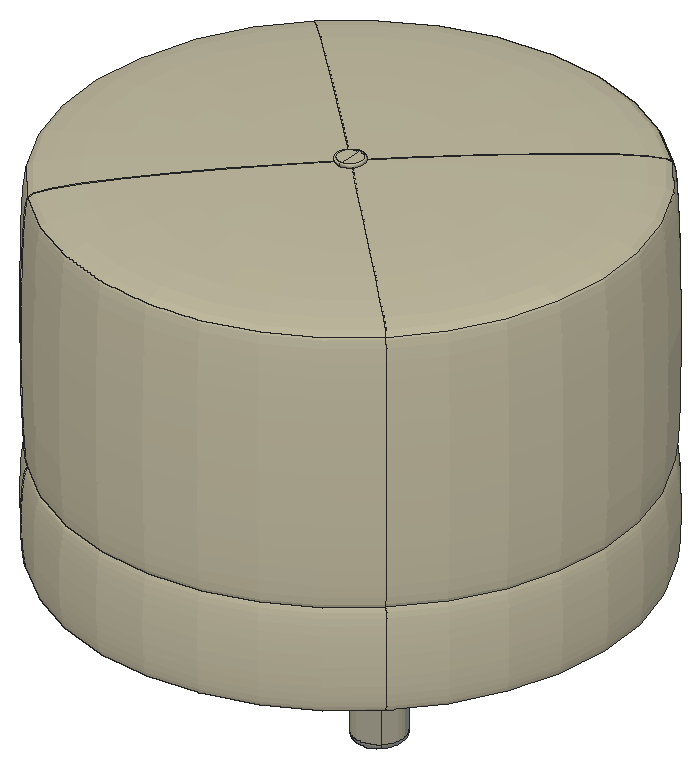
Revit family
Parameters
  URL = "http://www.martinbrattrud.com"
  SCS Certified Product = "Yes"
  Model = "Stonehenge 915-05R"
  Manufacturer = "Martin Brattrud, Inc."
  Leg [instance] = none
  Keynote = "125000"
  Copyright = "© 2013 Martin Brattrud, Inc."
  Ottoman [instance] = none
  Authoring Version = "Revit Architecture 2010"
  Assembly Code = "E2020200"
Reference planes (in)
  plane 1 "Center Front/Back": y = 0
  plane 2: z = 0
  plane 3 "Center Left/Right": x = 0
Forms (in)
  Extrusion 1, solid, material <- "Leg"
    sketch origin (0, 0, 0) x (1, 0, 0) y (0, 1, 0)
      loop
        circle (-6.24202, 6.24202) r 1
      loop
        circle (-6.24202, -6.24202) r 1
      loop
        circle (6.24202, -6.24202) r 1
      loop
        circle (6.24202, 6.24202) r 1
    from 0.25 to 2.24989
  Revolve 2, solid, material <- "Leg"
    sketch origin (-3.09359, 3.09359, 0) x (-0.707107, 0.707107, 0) y (0, 0, -1)
      loop
        arc (-12.20254, -0.25) -> (-12.27577, -0.07322) -> (-12.45254, 0) r 0.25
        line (-12.45254, 0) -> (-13.20254, 0) -> (-13.20254, -0.25) -> (-12.20254, -0.25)
      axis (-13.20254, 0) -> (-13.20254, -0.25)
    angle from 0 to 360
  Revolve 3, solid, material <- "Ottoman"
    sketch origin (0, 0, 0) x (0, 1, 0) y (0, 0, 1)
      loop
        line (0, 2.2499) -> (0, 17.49954)
        spline (0, 17.49954) -> (-1.43575, 17.49312) -> (-2.84693, 17.47398) -> (-4.2094, 17.44244) -> (-5.49983, 17.39905) -> (-6.69616, 17.34455) -> (-7.77792, 17.27986) -> (-8.72659, 17.2061) -> (-9.52595, 17.12453) -> (-10.16232, 17.03655) -> (-10.6248, 16.94365) -> (-10.9055, 16.84743) -> (-10.9996, 16.74954)
        spline (-10.9996, 16.74954) -> (-11.0643, 16.57066) -> (-11.1246, 16.0462) -> (-11.17637, 15.2119) -> (-11.2161, 14.12463) -> (-11.24107, 12.85847) -> (-11.24959, 11.49972) -> (-11.24107, 10.14096) -> (-11.2161, 8.87481) -> (-11.17637, 7.78753) -> (-11.1246, 6.95324) -> (-11.0643, 6.42878) -> (-10.9996, 6.2499)
        spline (-10.9996, 6.2499) -> (-11.06287, 6.18175) -> (-11.12183, 5.98195) -> (-11.17245, 5.66411) -> (-11.2113, 5.2499) -> (-11.23572, 4.76754) -> (-11.24405, 4.2499) -> (-11.23572, 3.73226) -> (-11.2113, 3.2499) -> (-11.17245, 2.83568) -> (-11.12183, 2.51785) -> (-11.06287, 2.31805) -> (-10.9996, 2.2499)
        line (-10.9996, 2.2499) -> (0, 2.2499)
      axis (0, 17.49954) -> (0, 2.2499)
    angle from 45 to -45
  Revolve 4, solid, material <- "Ottoman"
    sketch origin (0, 0, 0) x (0, -1, 0) y (0, 0, 1)
      loop
        line (0, 2.2499) -> (0, 17.49954)
        spline (0, 17.49954) -> (-1.43575, 17.49312) -> (-2.84693, 17.47398) -> (-4.2094, 17.44244) -> (-5.49983, 17.39905) -> (-6.69616, 17.34455) -> (-7.77792, 17.27986) -> (-8.72659, 17.2061) -> (-9.52595, 17.12453) -> (-10.16232, 17.03655) -> (-10.6248, 16.94365) -> (-10.9055, 16.84743) -> (-10.9996, 16.74954)
        spline (-10.9996, 16.74954) -> (-11.0643, 16.57066) -> (-11.1246, 16.0462) -> (-11.17637, 15.2119) -> (-11.2161, 14.12463) -> (-11.24107, 12.85847) -> (-11.24959, 11.49972) -> (-11.24107, 10.14096) -> (-11.2161, 8.87481) -> (-11.17637, 7.78753) -> (-11.1246, 6.95324) -> (-11.0643, 6.42878) -> (-10.9996, 6.2499)
        spline (-10.9996, 6.2499) -> (-11.06287, 6.18175) -> (-11.12183, 5.98195) -> (-11.17245, 5.66411) -> (-11.2113, 5.2499) -> (-11.23572, 4.76754) -> (-11.24405, 4.2499) -> (-11.23572, 3.73226) -> (-11.2113, 3.2499) -> (-11.17245, 2.83568) -> (-11.12183, 2.51785) -> (-11.06287, 2.31805) -> (-10.9996, 2.2499)
        line (-10.9996, 2.2499) -> (0, 2.2499)
      axis (0, 17.49954) -> (0, 2.2499)
    angle from 45 to -45
  Revolve 5, solid, material <- "Ottoman"
    sketch origin (0, 0, 0) x (-1, 0, 0) y (0, 0, 1)
      loop
        line (0, 2.2499) -> (0, 17.49954)
        spline (0, 17.49954) -> (-1.43575, 17.49312) -> (-2.84693, 17.47398) -> (-4.2094, 17.44244) -> (-5.49983, 17.39905) -> (-6.69616, 17.34455) -> (-7.77792, 17.27986) -> (-8.72659, 17.2061) -> (-9.52595, 17.12453) -> (-10.16232, 17.03655) -> (-10.6248, 16.94365) -> (-10.9055, 16.84743) -> (-10.9996, 16.74954)
        spline (-10.9996, 16.74954) -> (-11.0643, 16.57066) -> (-11.1246, 16.0462) -> (-11.17637, 15.2119) -> (-11.2161, 14.12463) -> (-11.24107, 12.85847) -> (-11.24959, 11.49972) -> (-11.24107, 10.14096) -> (-11.2161, 8.87481) -> (-11.17637, 7.78753) -> (-11.1246, 6.95324) -> (-11.0643, 6.42878) -> (-10.9996, 6.2499)
        spline (-10.9996, 6.2499) -> (-11.06287, 6.18175) -> (-11.12183, 5.98195) -> (-11.17245, 5.66411) -> (-11.2113, 5.2499) -> (-11.23572, 4.76754) -> (-11.24405, 4.2499) -> (-11.23572, 3.73226) -> (-11.2113, 3.2499) -> (-11.17245, 2.83568) -> (-11.12183, 2.51785) -> (-11.06287, 2.31805) -> (-10.9996, 2.2499)
        line (-10.9996, 2.2499) -> (0, 2.2499)
      axis (0, 17.49954) -> (0, 2.2499)
    angle from 45 to -45
  Revolve 6, solid, material <- "Ottoman"
    sketch origin (0, 0, 0) x (1, 0, 0) y (0, 0, -1)
      loop
        line (0, -2.2499) -> (-10.9996, -2.2499)
        spline (-10.9996, -2.2499) -> (-11.06287, -2.31805) -> (-11.12183, -2.51785) -> (-11.17245, -2.83568) -> (-11.2113, -3.2499) -> (-11.23572, -3.73226) -> (-11.24405, -4.2499) -> (-11.23572, -4.76754) -> (-11.2113, -5.2499) -> (-11.17245, -5.66411) -> (-11.12183, -5.98195) -> (-11.06287, -6.18175) -> (-10.9996, -6.2499)
        spline (-10.9996, -6.2499) -> (-11.0643, -6.42878) -> (-11.1246, -6.95324) -> (-11.17637, -7.78753) -> (-11.2161, -8.87481) -> (-11.24107, -10.14096) -> (-11.24959, -11.49972) -> (-11.24107, -12.85847) -> (-11.2161, -14.12463) -> (-11.17637, -15.2119) -> (-11.1246, -16.0462) -> (-11.0643, -16.57066) -> (-10.9996, -16.74954)
        spline (-10.9996, -16.74954) -> (-10.9055, -16.84743) -> (-10.6248, -16.94365) -> (-10.16232, -17.03655) -> (-9.52595, -17.12453) -> (-8.72659, -17.2061) -> (-7.77792, -17.27986) -> (-6.69616, -17.34455) -> (-5.49983, -17.39905) -> (-4.2094, -17.44244) -> (-2.84693, -17.47398) -> (-1.43575, -17.49312) -> (0, -17.49954)
        line (0, -17.49954) -> (0, -2.2499)
      axis (0, -17.49954) -> (0, -2.2499)
    angle from 45 to -45
  Revolve 7, solid, material <- "Leg"
    sketch origin (-3.09359, -3.09359, 0) x (-0.707107, -0.707107, 0) y (0, 0, 1)
      loop
        line (-12.20254, 0.25) -> (-13.20254, 0.25) -> (-13.20254, 0) -> (-12.45254, 0)
        arc (-12.45254, 0) -> (-12.27577, 0.07322) -> (-12.20254, 0.25) r 0.25
      axis (-13.20254, 0) -> (-13.20254, 0.25)
    angle from 0 to 360
  Revolve 8, solid, material <- "Leg"
    sketch origin (3.09359, 3.09359, 0) x (0.707107, 0.707107, 0) y (0, 0, 1)
      loop
        line (-12.20254, 0.25) -> (-13.20254, 0.25) -> (-13.20254, 0) -> (-12.45254, 0)
        arc (-12.45254, 0) -> (-12.27577, 0.07322) -> (-12.20254, 0.25) r 0.25
      axis (-13.20254, 0) -> (-13.20254, 0.25)
    angle from 0 to 360
  Revolve 9, solid, material <- "Leg"
    sketch origin (3.09359, -3.09359, 0) x (0.707107, -0.707107, 0) y (0, 0, -1)
      loop
        arc (-12.20254, -0.25) -> (-12.27577, -0.07322) -> (-12.45254, 0) r 0.25
        line (-12.45254, 0) -> (-13.20254, 0) -> (-13.20254, -0.25) -> (-12.20254, -0.25)
      axis (-13.20254, 0) -> (-13.20254, -0.25)
    angle from 0 to 360
  Revolve 10, solid, material <- "Ottoman"
    sketch origin (0, 0, 0) x (0, 1, 0) y (0, 0, 1)
      loop
        line (0, 17.49954) -> (0, 17.62454) -> (-0.5, 17.62454)
        arc (-0.5, 17.62454) -> (-0.5625, 17.56204) -> (-0.5, 17.49954) r 0.0625
        line (-0.5, 17.49954) -> (0, 17.49954)
      axis (0, 17.62454) -> (0, 17.49954)
    angle from 0 to 360
